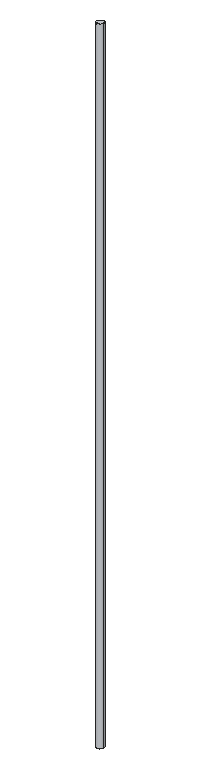
Revit family "0066751 Sylvania Lighting Fixture Skyline Street XL 17-30klm NW MR06 I 9022", category Lighting Fixtures, host Face, Revit 2016
Family settings
  Host = Face
  Part Type = Normal
  Round Connector Dimension = Use Diameter
  OmniClass Number = 23.80.70.00
  OmniClass Title = Lighting
  Cut with Voids When Loaded = No
  Light Source = Yes
  Shared = No
  Room Calculation Point = No
Parameters (values of type "0066751 SKS XL 17-30KLM NW MR06 I 9022 ")
  base height = 40 mm
  backplate diameter = 256 mm
  Weight = "n/a"
  Wattage Comments = ""
  Wattage = 9.2903 W
  WarrantyStartDate [instance] = "n/a"
  WarrantyGuarantorParts = "n/a"
  WarrantyDurationUnit = "n/a"
  WarrantyDurationParts = ""
  WarrantyDescription = "http://www.sylvania-lighting.com"
  built-in parameter 1150110 = 1 (stored number, unit not read)
  Voltage = 0 V
  URL = "0.98"
  TypeName = "Skyline Street XL 17-30klm NW MR06 I 9022"
  Type Image = <None>
  Type Comments = "n/a"
  Tube Diameter = 80 mm
  built-in parameter 1114217 = 1 (stored number, unit not read)
  Tilt Angle = 90.00°
  built-in parameter 1150109 = 1 (stored number, unit not read)
  built-in parameter 1150134 = 3
  built-in parameter 1150113 = 1 (stored number, unit not read)
  SerialNumber [instance] = "n/a"
  Photometric Web File = "0066751.ies"
  Material_3_FEILO = none
  PowerFactor = 0
  PowerConsumption = "Lighting"
  NominalLength = 415 mm
  NominalHeight = 0 mm
  NominalDepth = 0 mm
  Name = "Skyline Street XL 17-30klm NW MR06 I 9022"
  ModelReference = Name  # "Skyline Street XL 17-30klm NW MR06 I 9022"
  ModelNumber = "0066751"
  Model = Name  # "Skyline Street XL 17-30klm NW MR06 I 9022"
  Material = "Feilo Sylvania"
  ManufacturerName = "117 lm/W"
  Manufacturer = ""
  LuminousEfficacy = ""
  built-in parameter 1150105 = 109.82 (stored number, unit not read)
  Lumens = 1380 lm
  LuminaireType = "0"
  built-in parameter 1150115 = 1 (stored number, unit not read)
  LightOutputRatio = "LED"
  built-in parameter 1150137 = (empty or 0)
  built-in parameter 1150139 = (empty or 0)
  LampsType = Lamp  # "n/a"
  LampNominalLuminous = "4000 K"
  LampMacAdamStep = "70"
  LampColourTemperature = "LED"
  LampColourRenderingIndex = "16500"
  built-in parameter 1150112 = 1 (stored number, unit not read)
  built-in parameter 1150114 = 1 (stored number, unit not read)
  Lamp = "n/a"
  Keynote = "n/a"
  InstallationDate [instance] = "n/a"
  InputVoltage = "0"
  InputNominalFrequency = "4000"
  built-in parameter 1150132 = (empty or 0)
  built-in parameter 1150102 = (empty or 0)
  built-in parameter 1150107 = 3200 (stored number, unit not read)
  built-in parameter 1150138 = (empty or 0)
  IngressProtection = "IfcLightFixtureType"
  ImpactProtectionIndex = "IfcLightFixtureType"
  built-in parameter 1150106 = 1.0982 (stored number, unit not read)
  IfcExportType = "IfcLightFixtureType"
  IfcExportAs = "Class I"
  Height = 250 mm
  ExpectedLife = 50000
  Emit from Circle Diameter = 609.6 mm
  Emit Shape Visible in Rendering = no
  ElectricShockClassification = "117"
  built-in parameter 1150104 = 13.8 (stored number, unit not read)
  DurationUnit = "hours"
  DocumentationLiterature = "http://www.sylvania-lighting.com/product/en-int/products/0066751"
  DimmingControlOptions = "n/a"
  Material_2_FEILO = none
  Dimming Lamp Color Temperature Shift = <None>
  Diameter = 350 mm
  Description = "The Skyline Street family is dedicated for road lighting applications. Light distribution: MR06 - Medium Road, color temperature: 4000K , total system power: 244W, total fixture output: 28554lm, luminaire efficacy: 117lm/W, LOR: 100%, colour rendering index: 70, LED Chromaticity: 5 step MacAdam ellipse tolerance, lifetime: 100000 hours at L90B50 @ 50°C, energy class: A++, A+, A, operating voltage: 220-240V / 50-60Hz, electronic driver, Without Controls, power factor: min. 0.9, electrical protection: Class I, Ingress protection rating: IP66, Impact resistance: IK08, dimensions: 915 x 415 x 140mm, weight: 15 kg, for 42-60mm side entry or post top installation with +/-15° adjustability, the housing is made of Die Cast Aluminium in RAL9022 color combined with tempered flat glass cover."
  Default Elevation = 1219.2 mm
  CreatedOn = "02/12/2019"
  CreatedBy = "@sylvania-lighting.com"
  Cost = 0
  Color Filter = 16777215
  built-in parameter 1114216 [instance] = (empty or 0)
  ClassificationValue = "EF_70_80"
  ClassificationName = "Uniclass2015"
  Material_1_FEILO = none
  BarCode [instance] = "n/a"
  built-in parameter 1114218 = 1 (stored number, unit not read)
  built-in parameter 1150133 = 10 (stored number, unit not read)
  AssetType = "Fixed"
  AssetIdentifier [instance] = "n/a"
  Assembly Code = "D5020200"
  Apparent Load = 244 VA
  Material_4_FEILO = none
Reference planes
  plane 1 "Center (Front/Back)": y = 0
  plane 2: z = 0
  plane 3 "Center (Left/Right)": x = 0
  plane 4: z = 0
  plane 5: y = 128
  plane 6: y = -128
  plane 7: y = 175
  plane 8: y = -175
  plane 9: z = 40
Forms (mm)
  Extrusion 1, solid, detail levels coarse
    sketch origin (43.618, 0, 5999.295) x (1, 0, 0) y (0, 0, 1)
      loop
        line (-755, 240.919) -> (-755, 0.868) -> (39.922, 0.868) -> (39.922, 240.919) -> (-755, 240.919)
    from -207.534 to 207.466
  Extrusion 2, solid
    sketch origin (4.2, 0, 0) x (1, 0, 0) y (0, 1, 0)
      loop
        circle (-4.2, 0) r 30
    from 0 to 6000
Dimensions and locks
  "backplate diameter": plane 5 to plane 6
  equal spacing: plane 5, plane 1 "Center (Front/Back)", plane 6
  "Diameter": plane 7 to plane 8
  equal spacing: plane 7, plane 1 "Center (Front/Back)", plane 8
  "base height": plane 9 to level
  aligned and locked: plane 2 to host face
  aligned and locked: level to host face
Automatic sketch dimensions
  host sketch curve to host sketch curve = 2438.4 mm  (x2)
  level to Extrusion 1 sketch curve = 6000.163 mm
  Extrusion 1 sketch curve to plane 3 "Center (Left/Right)" = 711.382 mm
  plane 3 "Center (Left/Right)" to Extrusion 1 sketch curve = 83.54 mm
  plane 9 to Extrusion 1 sketch curve = 6200.213 mm
  plane 1 "Center (Front/Back)" to Extrusion 2 sketch curve = 0 mm
  Extrusion 2 sketch curve to plane 3 "Center (Left/Right)" = 0 mm
  radius of Extrusion 2 sketch curve = 30 mm
Connectors
  electrical at (0, 0, 0), driven by "Apparent Load", driven by "PowerFactor", driven by "Voltage"
    settings: index 1, voltage 0 V, apparent load 244 VA, apparent load phase1 0 VA, apparent load phase2 0 VA, apparent load phase3 0 VA, power factor 0, load classification "Lighting", number of poles 1, system type 30, power factor state 1, is connector primary yes, connector utility no, sub classification motor no, connector description ""
